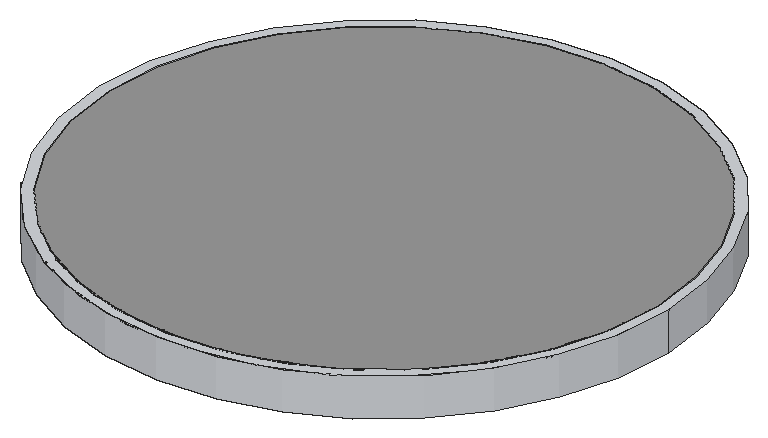
Revit family "2071240", category Lighting Fixtures, host Face, Revit 2018
Family settings
  Host = Face
  Round Connector Dimension = Use Diameter
  Part Type = Normal
  OmniClass Number = 23.80.70.00
  OmniClass Title = Lighting
  Cut with Voids When Loaded = No
  Light Source = Yes
  Shared = No
  Room Calculation Point = No
Parameters (values of type "2071240 COLOSSAL 900 830 PR DIR WHT SSC")
  iner diameter = 856 mm
  Weight = "n/a"
  Wattage Comments = ""
  Wattage = 30 W
  WarrantyStartDate [instance] = "n/a"
  WarrantyGuarantorParts = "n/a"
  WarrantyDurationUnit = "n/a"
  WarrantyDurationParts = ""
  WarrantyDescription = "http://www.sylvania-lighting.com"
  built-in parameter 1150110 = 1 (stored number, unit not read)
  Voltage = 230 V
  URL = "0.99"
  TypeName = "COLOSSAL 900mm 830 PRISM DIR WHITE SSC"
  Type Image = <None>
  Type Comments = "n/a"
  built-in parameter 1114217 = 1 (stored number, unit not read)
  Tilt Angle = -90.00°
  built-in parameter 1150109 = 1 (stored number, unit not read)
  built-in parameter 1150134 = (empty or 0)
  built-in parameter 1150113 = 1 (stored number, unit not read)
  SerialNumber [instance] = "n/a"
  Photometric Web File = "2071240.ies"
  Material_3_SYL = LED-Sylvania
  PowerFactor = 0
  PowerConsumption = "Lighting"
  NominalLength = 888 mm
  NominalHeight = 93 mm
  NominalDepth = 888 mm
  Name = "COLOSSAL 900mm 830 PRISM DIR WHITE SSC"
  ModelReference = Name  # "COLOSSAL 900mm 830 PRISM DIR WHITE SSC"
  ModelNumber = "2071240"
  Model = Name  # "COLOSSAL 900mm 830 PRISM DIR WHITE SSC"
  Material = "Feilo Sylvania"
  ManufacturerName = "133 lm/W"
  Manufacturer = ""
  LuminousEfficacy = ""
  built-in parameter 1150105 = 270.44 (stored number, unit not read)
  Lumens = 3398.4 lm
  LuminaireType = "0"
  built-in parameter 1150115 = 1 (stored number, unit not read)
  LightOutputRatio = "LED"
  built-in parameter 1150137 = (empty or 0)
  built-in parameter 1150139 = (empty or 0)
  LampsType = Lamp  # "n/a"
  LampNominalLuminous = "3000 K"
  LampMacAdamStep = "80"
  LampColourTemperature = "LED"
  LampColourRenderingIndex = "16500"
  built-in parameter 1150112 = 1 (stored number, unit not read)
  built-in parameter 1150114 = 1 (stored number, unit not read)
  Lamp = "n/a"
  Keynote = "n/a"
  InstallationDate [instance] = "n/a"
  InputVoltage = "0"
  InputNominalFrequency = "3000"
  built-in parameter 1150132 = (empty or 0)
  built-in parameter 1150102 = (empty or 0)
  built-in parameter 1150107 = 3000 (stored number, unit not read)
  built-in parameter 1150138 = (empty or 0)
  IngressProtection = "IfcLightFixtureType"
  ImpactProtectionIndex = "IfcLightFixtureType"
  built-in parameter 1150106 = 2.7044 (stored number, unit not read)
  IfcExportType = "IfcLightFixtureType"
  IfcExportAs = "Class I"
  Emit from Circle Diameter = 385 mm
  Emit Shape Visible in Rendering = no
  ElectricShockClassification = "133"
  built-in parameter 1150104 = 10.524 (stored number, unit not read)
  DocumentationLiterature = "http://www.sylvania-lighting.com/product/en-int/products/2071240"
  DimmingControlOptions = "n/a"
  Material_2_SYL = Polycarbonate_Sylvania_White
  Dimming Lamp Color Temperature Shift = <None>
  Description = "900mm diameter circular architectural luminaire, can be surface mounted or suspended. Powder coated aluminium housing (RAL9016) with PMMA prismatic diffuser. Direct light distribution, 7785lm luminuous flux, 58.7W system power, 133lm/W luminiaire efficacy. Sylsmart Standalone enabled. Colour rendering index Ra >80, 3000K Warm White LED, chromaticity tolerance of 3-step MacAdam ellipse. IP40/IP20, IK03. 350mA drive current. UGR≤19. Electrical protection Class1, 220-240V. Reported lifetime 66k hours L90B10."
  Default Elevation = 1219.2 mm
  CreatedOn = "23/03/2022"
  CreatedBy = "@sylvania-lighting.com"
  Cost = 0
  Color Filter = 16777215
  built-in parameter 1114216 [instance] = (empty or 0)
  ClassificationValue = "EF_70_80"
  ClassificationName = "Uniclass2015"
  Material_1_SYL = Polycarbonate_Sylvania_Opal
  BarCode [instance] = "n/a"
  built-in parameter 1114218 = 1 (stored number, unit not read)
  built-in parameter 1150133 = 10 (stored number, unit not read)
  AssetType = "Fixed"
  AssetIdentifier [instance] = "n/a"
  Assembly Code = "D5020200"
  Apparent Load = 58.7 VA
  Material_4_SYL = none
Reference planes
  plane 1 "Center (Front/Back)": y = 0
  plane 2: z = 0
  plane 3 "Center (Left/Right)": x = 0
  plane 4: z = 1.161
  plane 5: z = 16.161
  plane 6: x = -444
  plane 7: x = 444
  plane 8: y = 444
  plane 9: y = -444
  plane 10: y = 236
  plane 11: y = -236
  plane 12: x = 85
  plane 13: x = -85
  plane 14: through (0, 0, 1219.2) normal (0.5, 0.866, 0)
  plane 15: through (42.5, 73.612, 1219.2) normal (0.5, 0.866, 0)
  plane 16: through (-42.5, -73.612, 1219.2) normal (0.5, 0.866, 0)
  plane 17: through (0, 0, 1219.2) normal (0.5, -0.866, 0)
  plane 18: through (-42.5, 73.612, 1219.2) normal (0.5, -0.866, 0)
  plane 19: through (42.5, -73.612, 1219.2) normal (0.5, -0.866, 0)
  plane 20: z = 93
  plane 21: y = 428
  plane 22: y = -428
Forms (mm)
  Extrusion 1, solid, detail levels medium+fine
    sketch origin (0, 0, 0) x (0.866025, -0.5, 0) y (0.5, 0.866025, 0)
      loop
        circle (-50, 86.603) r 22
    from 0 to 2
  Extrusion 2, solid, detail levels medium+fine
    sketch origin (0, 0, 0) x (0.866025, -0.5, 0) y (0.5, 0.866025, 0)
      loop
        circle (100, 0) r 22
      loop
        circle (-50, -86.603) r 22
    from 0 to 2
  Blend 3, solid, detail levels medium+fine
    base sketch origin (0, 0, 0) x (1, 0, 0) y (0, 1, 0)
      loop
        line (-85, 236) -> (-246.882, -44.388) -> (-161.882, -191.612) -> (161.882, -191.612) -> (246.882, -44.388) -> (85, 236) -> (-85, 236)
    top sketch origin (0, 0, 0) x (1, 0, 0) y (0, 1, 0)
      loop
        line (-85, 283.076) -> (-287.651, -67.926) -> (-207.792, -218.119) -> (207.792, -218.119) -> (292.5, -71.401) -> (85, 283.076) -> (-85, 283.076)
    from 0 to 33.022
  Extrusion 4, solid, detail levels medium+fine
    sketch origin (0, 0, 0) x (1, 0, 0) y (0, 1, 0)
      loop
        circle (0, 0) r 444
    from 33.022 to 93
  Extrusion 5, void
    sketch origin (0, 0, 0) x (1, 0, 0) y (0, 1, 0)
      loop
        circle (0, 0) r 428
    from 96.588 to 37.292
  Extrusion 6, solid, material "Glass, White, High Luminance", detail levels fine
    sketch origin (0, 0, 0) x (1, 0, 0) y (0, 1, 0)
      loop
        circle (0, 0) r 428
    from 87.991 to 93
  Extrusion 7, solid, detail levels coarse
    sketch origin (0, 0, 0) x (1, 0, 0) y (0, 1, 0)
      loop
        line (-444, 444) -> (-444, -444) -> (444, -444) -> (444, 444) -> (-444, 444)
    from 0 to 93.648
Cuts and joins
  Extrusion 5 cuts Extrusion 1
  Extrusion 5 cuts Extrusion 2
  Extrusion 5 cuts Blend 3
  Extrusion 5 cuts Extrusion 4
Lines and regions (mm)
  model lines, detail levels medium+fine
    curve 1: circle (0, 0, 0) r 100 normal (0, 0, 1)
Dimensions and locks
  "NominalDepth": plane 8 to plane 9
  plane 8 to plane 1 "Center (Front/Back)" to plane 9 = 444 mm, 444 mm
  "NominalLength": plane 6 to plane 7
  equal spacing: plane 6, plane 3 "Center (Left/Right)", plane 7
  "NominalHeight": level to plane 20
  "iner diameter": plane 21 to plane 22
  equal spacing: plane 21, plane 1 "Center (Front/Back)", plane 22
  aligned and locked: plane 2 to host face
  aligned and locked: level to host face
Automatic sketch dimensions
  host sketch curve to host sketch curve = 2438.4 mm  (x2)
  Extrusion 1 sketch curve to plane 3 "Center (Left/Right)" = 0 mm
  Extrusion 1 sketch curve to plane 1 "Center (Front/Back)" = 100 mm
  plane 1 "Center (Front/Back)" to Extrusion 2 sketch curve = 50 mm
  Extrusion 2 sketch curve to plane 3 "Center (Left/Right)" = 86.603 mm
  Extrusion 2 sketch curve to Extrusion 2 sketch curve = 150 mm
  Extrusion 2 sketch curve to Extrusion 2 sketch curve = 86.603 mm
  plane 1 "Center (Front/Back)" to curve 1 = 0 mm
  curve 1 to plane 3 "Center (Left/Right)" = 0 mm
  plane 18 to Blend 3 sketch curve = 0 mm  (x2)
  plane 19 to Blend 3 sketch curve = 0 mm  (x2)
  Blend 3 sketch curve to plane 10 = 0 mm
  Blend 3 sketch curve to plane 13 = 0 mm  (x2)
  Blend 3 sketch curve to plane 12 = 0 mm  (x2)
  Blend 3 sketch curve to plane 16 = 0 mm  (x2)
  Blend 3 sketch curve to plane 15 = 0 mm
  plane 11 to Blend 3 sketch curve = 44.388 mm
  plane 1 "Center (Front/Back)" to Blend 3 sketch curve = 44.388 mm  (x2)
  plane 11 to Blend 3 sketch curve = 17.881 mm
  plane 1 "Center (Front/Back)" to Blend 3 sketch curve = 67.926 mm
  plane 1 "Center (Front/Back)" to Blend 3 sketch curve = 71.401 mm
  Blend 3 sketch curve to plane 7 = 151.5 mm
  plane 10 to Blend 3 sketch curve = 47.076 mm
  plane 1 "Center (Front/Back)" to Extrusion 4 sketch curve = 0 mm
  Extrusion 4 sketch curve to plane 3 "Center (Left/Right)" = 0 mm
  plane 1 "Center (Front/Back)" to Extrusion 5 sketch curve = 0 mm
  Extrusion 5 sketch curve to plane 3 "Center (Left/Right)" = 0 mm
  plane 1 "Center (Front/Back)" to Extrusion 6 sketch curve = 0 mm
  Extrusion 6 sketch curve to plane 3 "Center (Left/Right)" = 0 mm
  Extrusion 7 sketch curve to plane 6 = 0 mm
  Extrusion 7 sketch curve to plane 7 = 0 mm
  Extrusion 7 sketch curve to plane 9 = 0 mm
  Extrusion 7 sketch curve to plane 8 = 0 mm
  radius of Extrusion 1 sketch curve = 22 mm
  radius of Extrusion 2 sketch curve = 22 mm  (x2)
  radius of curve 1 = 100 mm
  radius of Extrusion 4 sketch curve = 444 mm
  radius of Extrusion 5 sketch curve = 428 mm
  radius of Extrusion 6 sketch curve = 428 mm
Connectors
  electrical at (0, 0, 0), driven by "Apparent Load", driven by "PowerFactor", driven by "Voltage"
    settings: index 1, voltage 230 V, apparent load 58.7 VA, apparent load phase1 0 VA, apparent load phase2 0 VA, apparent load phase3 0 VA, power factor 0, load classification "Lighting", number of poles 1, system type 30, power factor state 1, is connector primary yes, connector utility no, sub classification motor no, connector description ""
